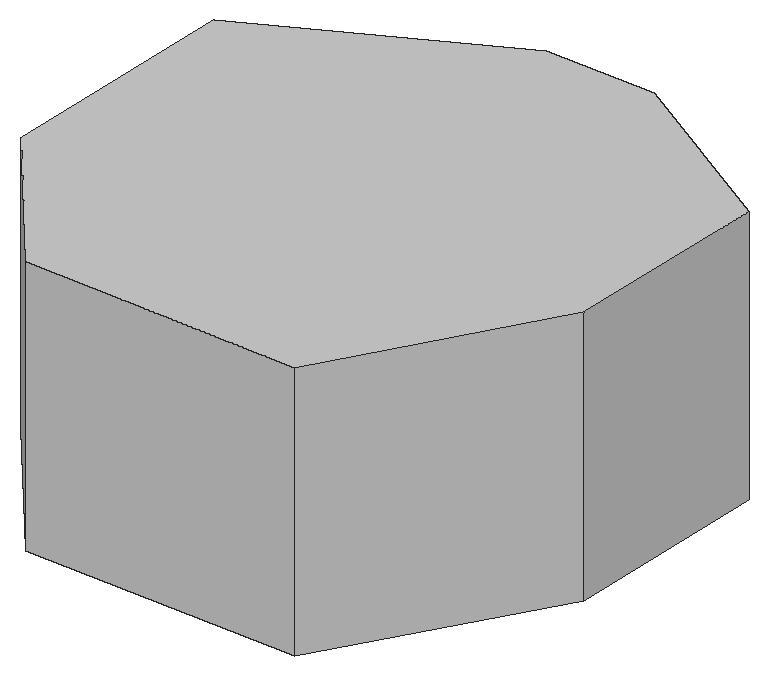
Revit family "BHE_StructuralFoundations_FreeForm", category Structural Foundations, Revit 2024
Family settings
  Material for Model Behavior = Concrete
  Cap = No
  Work Plane-Based = Yes
  Always vertical = Yes
  Cut with Voids When Loaded = No
  Shared = No
  Show family pre-cut in plan views = Yes
Parameters (values of type "1000x1000x500 DP PreLoaded")
  Width = BHE_Width  # 1000 mm
  Volume = 0.50 m³
  Structural Material [instance] = none
  Reinforcement Specs [instance] = ""
  Pad Type = "P1"
  Mesh [instance] = ""
  Length = BHE_Length  # 1000 mm
  Foundation Thickness = BHE_Depth  # 500 mm
  Default Elevation = 1219.2 mm
  BHE_Width = 1000 mm
  BHE_Length = 1000 mm
  BHE_Depth = 500 mm
Reference planes
  plane 1 "Center (Front/Back)": y = 0
  plane 2: z = 0
  plane 3 "Center (Left/Right)": x = 0
  plane 4: x = -500
  plane 5: x = 500
  plane 6: y = 500
  plane 7: y = -500
  plane 8: z = -500
Forms (mm)
  Extrusion 1, solid, material <- "Structural Material"
    sketch origin (0, 0, 0) x (0, -1, 0) y (1, 0, 0)
      loop
        line (-500, -48.626) -> (-260, -500) -> (207.514, -500) -> (500, -254.575) -> (500, 265.752) -> (94.27, 500) -> (-303.701, 500) -> (-500, 160) -> (-500, -48.626)
    from -500 to 0
Dimensions and locks
  equal spacing: plane 4, plane 3 "Center (Left/Right)", plane 5
  "Length": plane 4 to plane 5
  equal spacing: plane 7, plane 1 "Center (Front/Back)", plane 6
  "Width": plane 7 to plane 6
  "Foundation Thickness": plane 2 to plane 8
  aligned and locked: Extrusion 1 to plane 8
  aligned and locked: plane 2 to Extrusion 1
Automatic sketch dimensions
  Extrusion 1 sketch curve to plane 6 = 0 mm
  Extrusion 1 sketch curve to plane 5 = 0 mm
  Extrusion 1 sketch curve to plane 4 = 0 mm
  plane 7 to Extrusion 1 sketch curve = 0 mm
  Extrusion 1 sketch curve to plane 6 = 196.299 mm
  Extrusion 1 sketch curve to plane 6 = 240 mm
  plane 1 "Center (Front/Back)" to Extrusion 1 sketch curve = 94.27 mm
  plane 1 "Center (Front/Back)" to Extrusion 1 sketch curve = 207.514 mm
  plane 4 to Extrusion 1 sketch curve = 245.425 mm
  Extrusion 1 sketch curve to plane 3 "Center (Left/Right)" = 48.626 mm
  plane 3 "Center (Left/Right)" to Extrusion 1 sketch curve = 160 mm
  plane 5 to Extrusion 1 sketch curve = 234.248 mm
